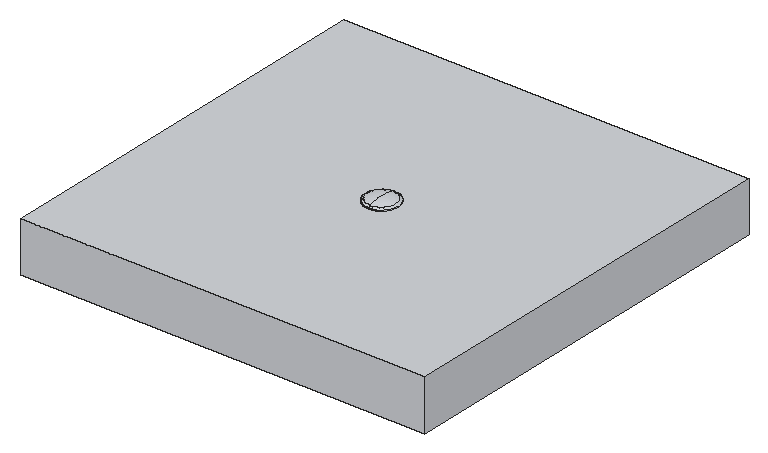
Revit family "r2016_omelta_ariya-ts-20p", category Устройства вызова и оповещения, Revit 2016
Family settings
  Основа = Грань
  Сохранять ориентацию аннотаций = Да
  Тип детали = Нормальный
  Размер круглого соединителя = Использовать диаметр
  При загрузке вырезать с полостями = Нет
  Общий = Нет
  Точка расчета площади = Нет
Parameters (values of type "ariya-ts-20p")
  Стоимость = 0
  Разработано [instance] = "«support@bimlib.ru»"  # constant formula
  Default Elevation = 2600 mm
  Изготовитель = "ООО «Электротехника и Автоматика»"  # constant formula
  Z [instance] = 1000 mm
  Y [instance] = 1100 mm
  X [instance] = 1000 mm
  URL = "https://omelta.com/store/197-ARIYA_TS_20P/"
  ADSK_Этаж [instance] = ""
  ADSK_Ток = 0 A
  ADSK_Примечание [instance] = ""
  ADSK_Позиция [instance] = ""
  ADSK_Обозначение [instance] = "АРИЯ-ТС-20П"
  ADSK_Номинальная мощность = ADSK_Напряжение * ADSK_Ток  # 0 VA
  ADSK_Напряжение = 100 V
  ADSK_Наименование [instance] = "Система речевого оповещателя трансформаторного типа, IP 31"
  ADSK_Масса [instance] = 0.67
  ADSK_Марка [instance] = ADSK_Обозначение  # "АРИЯ-ТС-20П"
  ADSK_Коэффициент мощности = 0.96
  ADSK_Код изделия [instance] = "ТУ 4372-021-49518441-10"
  ADSK_Классификация нагрузок = none
  ADSK_Завод-изготовитель [instance] = "ООО «Электротехника и Автоматика»"  # constant formula
  ADSK_Единица измерения = "шт."
Reference planes
  plane 1 "По центру (Вперед/Назад)": y = 0
  plane 2: z = 0
  plane 3 "По центру (Влево/Вправо)": x = 0
  plane 4: y = 1000
  plane 5: z = -1000
  plane 6: x = 1000
Forms (mm)
  Extrusion 1, solid
    sketch origin (-0.8, 20.8, 0) x (1, 0, 0) y (0, 1, 0)
      loop
        line (-1219.2, 1219.2) -> (-1219.2, -1219.2) -> (1219.2, -1219.2) -> (1219.2, 1219.2) -> (-1219.2, 1219.2)
    from 0 to -304.8
  Blend 2, solid, detail levels medium+fine
    base sketch origin (0, 0, 0) x (1, 0, 0) y (0, 1, 0)
      loop
        circle (0, 0) r 100
    top sketch origin (0, 0, 0) x (1, 0, 0) y (0, 1, 0)
      loop
        circle (0, 0) r 100
    from 0 to 2
  Revolve 3, solid, detail levels medium+fine
    sketch origin (0, 0, 0) x (0, 1, 0) y (0, 0, 1)
      loop
        line (87.281, 2) -> (99.999, 2) -> (87.281, 11.037) -> (0, 11.037) -> (0, 2) -> (87.281, 2)
      axis (0, 11.037) -> (0, 2)
    angle from 0 to 360
  Revolve 4, solid, detail levels medium+fine
    sketch origin (0, 0, 0) x (0, 1, 0) y (0, 0, 1)
      loop
        line (0, 11.037) -> (87.281, 11.037)
        spline (87.281, 11.037) -> (74.238, 15.276) -> (65.608, 17.647) -> (59.485, 19.029) -> (54.49, 20.012) -> (49.862, 20.841) -> (45.082, 21.677) -> (40.284, 22.48) -> (35.63, 23.188) -> (30.755, 23.815) -> (24.963, 24.396) -> (15.86, 24.852) -> (0, 25.037)
        line (0, 25.037) -> (0, 11.037)
      axis (0, 25.037) -> (0, 11.037)
    angle from 0 to 360
  Blend 5, solid, not visible, detail levels medium+fine
    base sketch origin (0, 0, 0) x (1, 0, 0) y (0, 1, 0)
      loop
        circle (0, 0) r 100
    top sketch origin (0, 0, 0) x (1, 0, 0) y (0, 1, 0)
      loop
        circle (0, 0) r 100
    from 0 to 2
  Revolve 6, solid, not visible, detail levels medium+fine
    sketch origin (0, 0, 0) x (0, 1, 0) y (0, 0, 1)
      loop
        line (87.281, 2) -> (99.999, 2) -> (87.281, 11.037) -> (0, 11.037) -> (0, 2) -> (87.281, 2)
      axis (0, 11.037) -> (0, 2)
    angle from 0 to 360
  Revolve 7, solid, not visible, detail levels medium+fine
    sketch origin (0, 0, 0) x (0, 1, 0) y (0, 0, 1)
      loop
        line (0, 11.037) -> (87.281, 11.037)
        spline (87.281, 11.037) -> (74.238, 15.276) -> (65.608, 17.647) -> (59.485, 19.029) -> (54.49, 20.012) -> (49.862, 20.841) -> (45.082, 21.677) -> (40.284, 22.48) -> (35.63, 23.188) -> (30.755, 23.815) -> (24.963, 24.396) -> (15.86, 24.852) -> (0, 25.037)
        line (0, 25.037) -> (0, 11.037)
      axis (0, 25.037) -> (0, 11.037)
    angle from 0 to 360
  Blend 8, solid, detail levels fine
    base sketch origin (0, 0, 0) x (0, 1, 0) y (-1, 0, 0)
      loop
        line (51.466, 51.472) -> (-51.534, 51.472) -> (-51.534, -51.528) -> (51.466, -51.528) -> (51.466, 51.472)
    top sketch origin (0, 0, 0) x (0, 1, 0) y (-1, 0, 0)
      loop
        line (49.966, 49.972) -> (-50.034, 49.972) -> (-50.034, -50.028) -> (49.966, -50.028) -> (49.966, 49.972)
    from 0 to -47
  Extrusion 9, solid, detail levels fine
    sketch origin (0, 0, 0) x (1, 0, 0) y (0, 1, 0)
      loop
        line (24, 23.966) -> (-24, 23.966) -> (-24, -24.034) -> (24, -24.034) -> (24, 23.966)
    from -47 to -90
  Blend 10, solid, not visible, detail levels fine
    base sketch origin (0, 0, 0) x (0, 1, 0) y (-1, 0, 0)
      loop
        line (51.466, 51.472) -> (-51.534, 51.472) -> (-51.534, -51.528) -> (51.466, -51.528) -> (51.466, 51.472)
    top sketch origin (0, 0, 0) x (0, 1, 0) y (-1, 0, 0)
      loop
        line (49.966, 49.972) -> (-50.034, 49.972) -> (-50.034, -50.028) -> (49.966, -50.028) -> (49.966, 49.972)
    from 0 to -47
  Extrusion 11, solid, not visible, detail levels fine
    sketch origin (0, 0, 0) x (1, 0, 0) y (0, 1, 0)
      loop
        line (24, 23.966) -> (-24, 23.966) -> (-24, -24.034) -> (24, -24.034) -> (24, 23.966)
    from -47 to -90
Lines and regions (mm)
  reference lines
    curve 1: line (-98.995, 0, 100) -> (98.995, 0, 100)
    curve 2: line (0, 0, 47.981) -> (0, 0, 167.981)
    curve 10: line (-98.995, 0, 34.666) -> (101.005, 0, 34.666)
  model lines, detail levels coarse
    curve 3: line (79.962, 0, 164.038) -> (-79.962, 0, 164.038)
    curve 4: line (-79.962, 0, 164.038) -> (-34, 0, 118.076)
    curve 5: line (-34, 0, 118.076) -> (-34, 0, 100)
    curve 6: line (-34, 0, 100) -> (34, 0, 100)
    curve 7: line (34, 0, 100) -> (34, 0, 118.076)
    curve 8: line (-34, 0, 118.076) -> (34, 0, 118.076)
    curve 9: line (34, 0, 118.076) -> (79.962, 0, 164.038)
  model lines, style "InvisibleLines", detail levels coarse
    curve 11: line (0, 0, 164.038) -> (0, 0, 100)
    curve 12: line (47.943, 0, 100) -> (-47.943, 0, 100)
  model lines, not visible, detail levels coarse
    curve 13: line (84.943, 0, 64.038) -> (-74.981, 0, 64.038)
    curve 14: line (-74.981, 0, 64.038) -> (-29.019, 0, 18.076)
    curve 15: line (-29.019, 0, 18.076) -> (-29.019, 0, 0)
    curve 16: line (-29.019, 0, 0) -> (38.981, 0, 0)
    curve 17: line (38.981, 0, 0) -> (38.981, 0, 18.076)
    curve 18: line (-29.019, 0, 18.076) -> (38.981, 0, 18.076)
    curve 19: line (38.981, 0, 18.076) -> (84.943, 0, 64.038)
  model lines, style "InvisibleLines", not visible, detail levels coarse
    curve 20: line (4.981, 0, 64.038) -> (4.981, 0, 0)
    curve 21: line (52.924, 0, 0) -> (-42.962, 0, 0)
Dimensions and locks
  "Y": curve 1 to plane 5
  "X": plane 6 to curve 2
  "Z": curve 10 to plane 4
  aligned and locked: plane 2 to Extrusion 1
  aligned and locked: level to Extrusion 1
  aligned and locked: curve 10 to curve 3
  aligned and locked: curve 2 to curve 11
  aligned and locked: curve 1 to curve 6
Automatic sketch dimensions
  Extrusion 1 sketch curve to Extrusion 1 sketch curve = 2438.4 mm  (x2)
  curve 3 to curve 4 = 45.962 mm
  curve 4 to curve 8 = 68 mm
  curve 7 to curve 3 = 45.962 mm
  curve 5 to curve 5 = 18.076 mm
  curve 4 to curve 4 = 45.962 mm
  curve 12 to curve 5 = 13.943 mm
  curve 5 to curve 11 = 34 mm
  curve 6 to curve 12 = 13.943 mm
  curve 12 to curve 6 = 0 mm
  curve 13 to curve 14 = 45.962 mm
  curve 14 to curve 18 = 68 mm
  curve 17 to curve 13 = 45.962 mm
  curve 15 to curve 15 = 18.076 mm
  curve 14 to curve 14 = 45.962 mm
  curve 21 to curve 15 = 13.943 mm
  curve 15 to curve 20 = 34 mm
  curve 16 to curve 21 = 13.943 mm
  curve 21 to curve 16 = 0 mm
  Revolve 3 sketch curve to Revolve 3 sketch curve = 0 mm  (x2)
  Revolve 3 sketch curve to Revolve 3 sketch curve = 12.718 mm
  Revolve 3 sketch curve to Revolve 3 sketch curve = 8.008 mm
  Revolve 4 sketch curve to Revolve 4 sketch curve = 87.281 mm
  Revolve 4 sketch curve to Revolve 4 sketch curve = 14 mm
  Revolve 4 sketch curve to Revolve 4 sketch curve = 14.359 mm
  Revolve 3 sketch curve to Revolve 3 sketch curve = 87.281 mm
  Revolve 3 sketch curve to Revolve 3 sketch curve = 9.037 mm
  Revolve 3 sketch curve to Revolve 3 sketch curve = 11 mm
  Revolve 4 sketch curve to Revolve 4 sketch curve = 0 mm
  Revolve 4 sketch curve to Revolve 4 sketch curve = 24.758 mm
  Revolve 6 sketch curve to Revolve 6 sketch curve = 0 mm  (x2)
  Revolve 6 sketch curve to Revolve 6 sketch curve = 12.718 mm
  Revolve 6 sketch curve to Revolve 6 sketch curve = 8.008 mm
  Revolve 7 sketch curve to Revolve 7 sketch curve = 87.281 mm
  Revolve 7 sketch curve to Revolve 7 sketch curve = 14 mm
  Revolve 7 sketch curve to Revolve 7 sketch curve = 14.359 mm
  Revolve 6 sketch curve to Revolve 6 sketch curve = 87.281 mm
  Revolve 6 sketch curve to Revolve 6 sketch curve = 9.037 mm
  Revolve 6 sketch curve to Revolve 6 sketch curve = 11 mm
  Revolve 7 sketch curve to Revolve 7 sketch curve = 0 mm
  Revolve 7 sketch curve to Revolve 7 sketch curve = 24.758 mm
  Blend 8 sketch curve to Blend 8 sketch curve = 103 mm  (x2)
  Blend 8 sketch curve to Blend 8 sketch curve = 100 mm  (x2)
  Extrusion 9 sketch curve to Extrusion 9 sketch curve = 48 mm  (x2)
  curve 10 to plane 3 "По центру (Влево/Вправо)" = 98.995 mm
  plane 3 "По центру (Влево/Вправо)" to curve 10 = 101.005 mm
  curve 1 to plane 3 "По центру (Влево/Вправо)" = 98.995 mm
  plane 3 "По центру (Влево/Вправо)" to curve 1 = 98.995 mm
  level to curve 2 = 47.981 mm
  curve 2 to curve 2 = 120 mm
  radius of Blend 2 sketch curve = 100 mm  (x2)
  radius of Blend 5 sketch curve = 100 mm  (x2)
Connectors
  electrical at (0, 0, 0)
    settings: on Blend 2, index 1, voltage 0 V, apparent load 0 VA, apparent load phase1 0 VA, apparent load phase2 0 VA, apparent load phase3 0 VA, power factor 1, load classification "Прочее", number of poles 1, system type 12, power factor state 1, is connector primary yes, connector utility yes, sub classification motor no, connector description ""
